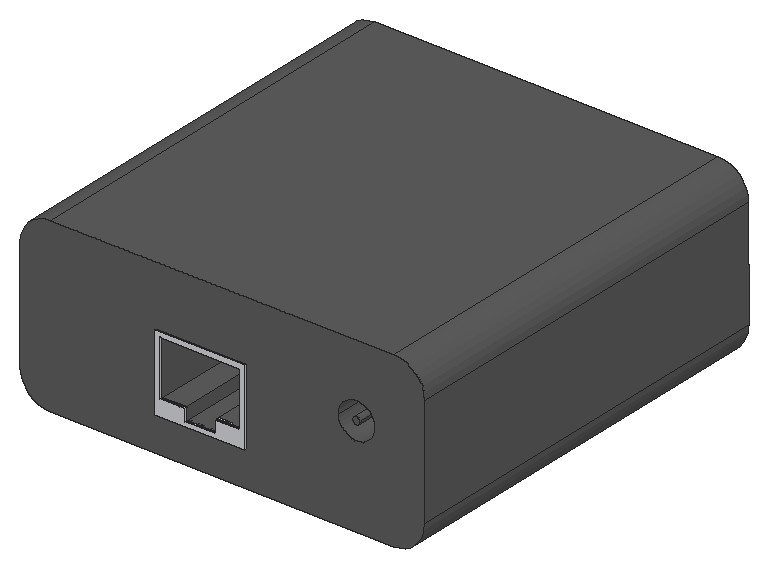
Revit family "шаблон семейства 2017", category Электрооборудование, Revit 2017
Family settings
  Конфигурация панели = Два столбца, слева направо
  Размер круглого соединителя = Использовать диаметр
  Тип детали = Щит
  На основе рабочей плоскости = Да
  Всегда вертикально = Да
  При загрузке вырезать с полостями = Нет
  Общий = Нет
  Точка расчета площади = Нет
Parameters (values of type "STS-4951")
  Стандарт интерфейса связи = "10/100 Base-T Ethernet"
  Смещение_УГО_Y [instance] = 0 mm
  Смещение_УГО_X [instance] = 0 mm
  Расстояние передачи, до, м = 100 mm
  Раздел проекта [instance] = ""
  Раздел Спецификации [instance] = ""
  Default Elevation = 1219.2 mm
  Напряжение = "5"
  Количество разъемов PoE / LAN / электропитания, шт = "1 / 1 / 1"
  Диапазон рабочих температур, °С = "от – 40 до + 50"
  Выходной ток, не более, А = 2 A
  Входное напряжение постоянного тока (РоЕ), В = "6…28"
  Время непрерывной работы = "круглосуточно"
  В_Смещение_УГО_Y [instance] = Смещение_УГО_Y + 2000 mm  # 2000 mm
  В_Смещение_УГО_X [instance] = Смещение_УГО_X + 2000 mm  # 2000 mm
  d_короба = 0 mm
  ADSK_Размер_Длина = 66 mm
  ADSK_Размер_Глубина = 66 mm
  ADSK_Размер_Высота = 28 mm
  ADSK_Примечание = ""
  ADSK_Наименование = "Сплиттер РоЕ STS-4951"
  ADSK_Масса = 0.07
  ADSK_Марка = "СТВФ.426471.042"
  ADSK_Количество = 1
  ADSK_Завод-изготовитель = "ООО «Основа Безопасности»"  # constant formula
  ADSK_Единица измерения = "шт."  # constant formula
  ADSK_URL страницы изделия = "https://stilsoft.ru/products/sts-4951"
  ADSK_URL документации изделия = ""
Reference planes
  plane 1 "По центру (Вперед/Назад)": y = 0
  plane 2: z = 0
  plane 3 "По центру (Влево/Вправо)": x = 0
  plane 4: y = 2000
  plane 5: x = -2000
  plane 6: x = 0
  plane 7: y = 0
  plane 8: x = 33
  plane 9: x = -33
  plane 10: y = 66
  plane 11: z = 28
Forms (mm)
  Extrusion 1, solid, material "корпус", detail levels medium+fine
    sketch origin (0, 0, 0) x (1, 0, 0) y (0, 0, 1)
      loop
        arc (-28, 28) -> (-31.536, 26.536) -> (-33, 23) r 5
        line (-33, 23) -> (-33, 5)
        arc (-33, 5) -> (-31.536, 1.464) -> (-28, 0) r 5
        line (-28, 0) -> (28, 0)
        arc (28, 0) -> (31.536, 1.464) -> (33, 5) r 5
        line (33, 5) -> (33, 23)
        arc (33, 23) -> (31.536, 26.536) -> (28, 28) r 5
        line (28, 28) -> (-28, 28)
    from 0 to -66
  Extrusion 2, void
    sketch origin (0, 0, 0) x (1, 0, 0) y (0, 0, 1)
      loop
        circle (21.893, 16.239) r 2.994
      loop
        circle (21.894, 16.233) r 0.577
    from 0 to -12
  Extrusion 3, void
    sketch origin (16.023, 15, 41.41) x (1, 0, 0) y (0, 0, 1)
      loop
        line (-25.878, -23.948) -> (-25.878, -32.948) -> (-21.878, -32.948) -> (-21.878, -34.948) -> (-16.878, -34.948) -> (-16.878, -32.948) -> (-12.878, -32.948) -> (-12.878, -23.948) -> (-25.878, -23.948)
    from 0 to 15.748
  Extrusion 4, solid, detail levels medium+fine
    sketch origin (0, 0, 0) x (1, 0, 0) y (0, 0, 1)
      loop
        line (-10.703, 18.194) -> (-10.703, 5.795) -> (3.874, 5.795) -> (3.874, 18.194) -> (-10.703, 18.194)
    from -0.472 to 0.391
Cuts and joins
  Extrusion 2, Extrusion 3 cuts Extrusion 1
  Extrusion 3 cuts Extrusion 4
Dimensions and locks
  locked: plane 4 to plane 1 "По центру (Вперед/Назад)" at 2000
  locked: plane 5 to plane 3 "По центру (Влево/Вправо)" at 2000
  "В_Смещение_УГО_X": plane 5 to plane 6
  "В_Смещение_УГО_Y": plane 4 to plane 7
  "ADSK_Размер_Длина": plane 9 to plane 8
  "ADSK_Размер_Глубина": plane 10 to plane 1 "По центру (Вперед/Назад)"
  "ADSK_Размер_Высота": plane 11 to level
  aligned and locked: level to plane 2
Automatic sketch dimensions
  Extrusion 1 sketch curve to level = 0 mm
  Extrusion 1 sketch curve to plane 11 = 0 mm
  Extrusion 1 sketch curve to plane 9 = 5 mm  (x2)
  Extrusion 1 sketch curve to plane 8 = 5 mm
  level to Extrusion 1 sketch curve = 5 mm
  plane 9 to Extrusion 1 sketch curve = 0 mm
  Extrusion 1 sketch curve to plane 8 = 0 mm
  Extrusion 2 sketch curve to plane 8 = 11.107 mm
  Extrusion 2 sketch curve to Extrusion 2 sketch curve = 0.002 mm
  Extrusion 2 sketch curve to plane 11 = 11.767 mm
  Extrusion 2 sketch curve to Extrusion 2 sketch curve = 0.006 mm
  Extrusion 3 sketch curve to plane 3 "По центру (Влево/Вправо)" = 9.855 mm
  Extrusion 3 sketch curve to Extrusion 3 sketch curve = 4 mm
  Extrusion 3 sketch curve to plane 3 "По центру (Влево/Вправо)" = 0.855 mm
  plane 3 "По центру (Влево/Вправо)" to Extrusion 3 sketch curve = 3.145 mm
  level to Extrusion 3 sketch curve = 6.463 mm
  Extrusion 3 sketch curve to Extrusion 3 sketch curve = 2 mm  (x2)
  Extrusion 3 sketch curve to Extrusion 3 sketch curve = 9 mm
  plane 3 "По центру (Влево/Вправо)" to Extrusion 4 sketch curve = 3.874 mm
  level to Extrusion 4 sketch curve = 5.795 mm
  Extrusion 4 sketch curve to plane 11 = 9.806 mm
  Extrusion 4 sketch curve to plane 3 "По центру (Влево/Вправо)" = 10.703 mm
  radius of Extrusion 2 sketch curve = 2.994 mm
  radius of Extrusion 2 sketch curve = 0.577 mm
Connectors
  electrical at (-3.355, 15, 10.213)
    settings: on cut or joined group of Extrusion 1, Extrusion 2, Extrusion 3, index 1, voltage 0 V, apparent load 0 VA, apparent load phase1 0 VA, apparent load phase2 0 VA, apparent load phase3 0 VA, power factor 1, load classification "Прочее", number of poles 1, system type 14, power factor state 1, is connector primary yes, connector utility no, sub classification motor no, connector description ""
  cabletrayconduit at (-3.355, 15, 10.213), driven by "d_короба"
    settings: on cut or joined group of Extrusion 1, Extrusion 2, Extrusion 3, index 2, connector width 300 mm, connector height 300 mm, connector diameter 0 mm, connector angle 0.00°, system type 32, placement type 0, profile type 0, connector reference index -1, is primary connector yes, connector utility param no, connector description ""
